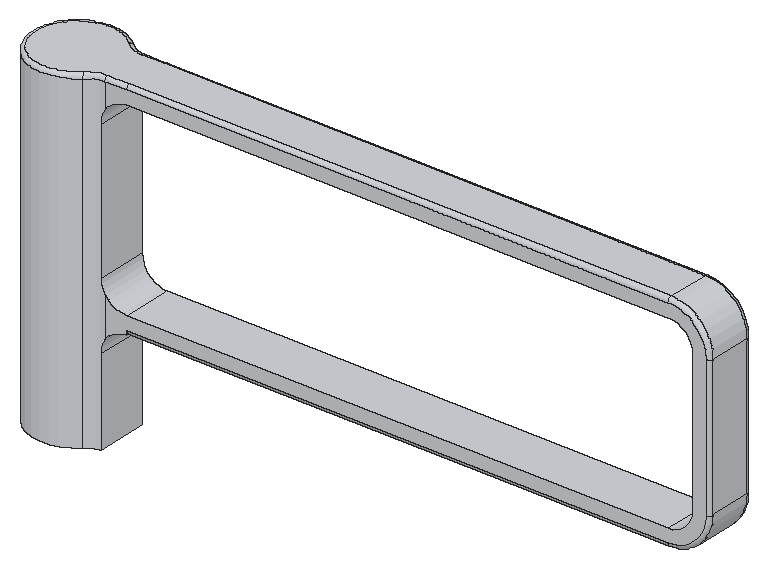
Revit family "Accessory-Towel_Ring-KOHLER-SINGULIER-K-15208T", category Specialty Equipment, host Face, Revit 2017
Family settings
  Host = Face
  Round Connector Dimension = Use Diameter
  Part Type = Normal
  OmniClass Number = 23.31.25.25
  OmniClass Title = Towel Bars
  Cut with Voids When Loaded = No
  Shared = No
  Room Calculation Point = No
Parameters (values of type "CP- Polished chrome plating")
  Width = 9 27/32"  # constant formula
  WaterSense Certified = 1 = 0  # no
  URL = "http://www.kohler.com.cn/en/"
  Type = 1
  Product Page URL = "https://www.kohler.com.cn/product/K-15208T-CP/K-15208T-CP/"
  Product Name = "SINGULIER"  # constant formula
  Product Documentation Link = "https://files.kohler.com.cn/pdfs/k_15205t_22t.pdf"
  Model = if(Type = 1, "K-15208T-CP", "NA")  # "K-15208T-CP"
  Material = "Metal Construction"  # constant formula
  Master Format 2014 Name = "Toilet, Bath, and Laundry Accessories"  # constant formula
  Master Format 2014 = "10 28 00"  # constant formula
  Manufacturer Address = "Kohler Beijing Office (100016)\n36-2-03-B, No. 88, Liuxiang Road, Beijing"  # constant formula
  Manufacturer = "KOHLER Co."  # constant formula
  Length = 4 185/256"  # constant formula
  Height = 1 67/256"  # constant formula
  Finish = Kohler-Metal-CP-Polished_Chrome
  Environmental Product Declaration = ""
  Description = "Towel Ring"  # constant formula
  Default Elevation = 42"
  Declare Label = ""
  Date Modified = "07/10/2020"  # constant formula
  Date Created = "07/10/2020"  # constant formula
  Copyright = "Copyright KOHLER Co."  # constant formula
  Contact Us = "http://www.kohler.com.cn/en/contact/contact-us/"
  Assembly Code = "C1030200"
  ADA Compliant = 1 = 0  # no
Reference planes (in)
  plane 1 "Center (Front/Back)": y = 0
  plane 2: z = 0
  plane 3 "Center (Left/Right)": x = 0
  plane 4: y = 0.62992
  plane 5: x = 9.2126
  plane 6: y = -0.6318
  plane 7: x = -0.63115
  plane 8: z = 4.72266
Dimensions and locks (in)
  "Width": plane 7 to plane 5
  "Length": plane 8 to level
  "Height": plane 6 to plane 4
  aligned and locked: plane 2 to host face
  aligned and locked: level to host face
Automatic sketch dimensions
  host sketch curve to host sketch curve = 96"  (x2)
Nested families (in)
  nested 1: "K-15208T" at (0, 0, 0), type "K-15208T"
Definition of nested family "K-15208T"
  Parameters (values of type "K-15208T")
    Material = none
  Reference planes (in)
    plane 1 "Center (Front/Back)": y = 0
    plane 2: z = 0
    plane 3 "Center (Left/Right)": x = 0
    plane 4: x = 9.2126
    plane 5: y = 0.62992
    plane 6: y = -0.62992
    plane 7: x = -0.62992
    plane 8: x = 0.62598
    plane 9: z = 4.72441
  Forms (in)
    Extrusion 1, solid, material <- "Material", detail levels medium+fine
      sketch origin (0, 0, 0) x (1, 0, 0) y (0, 1, 0)
        loop
          arc (0.44085, 0.44994) -> (-0.62992, 0) -> (0.44085, -0.44994) r 0.62992
          arc (0.44085, -0.44994) -> (0.54857, -0.37915) -> (0.67506, -0.35433) r 0.33465
          line (0.67506, -0.35433) -> (0.98031, -0.35433) -> (0.98031, 0.35433) -> (0.67506, 0.35433)
          arc (0.67506, 0.35433) -> (0.54857, 0.37915) -> (0.44085, 0.44994) r 0.33465
      from 0 to 4.72441
    Sweep 2, void, detail levels medium+fine
      path in 3D
        loop
          line (0.98031, 0.35433, 4.72441) -> (0.67506, 0.35433, 4.72441)
          arc (0.67506, 0.35433, 4.72441) -> (0.54857, 0.37915, 4.72441) -> (0.44085, 0.44994, 4.72441) r 0.33465
          arc (0.44085, 0.44994, 4.72441) -> (-0.62992, 0, 4.72441) -> (0.44085, -0.44994, 4.72441) r 0.62992
          arc (0.44085, -0.44994, 4.72441) -> (0.54857, -0.37915, 4.72441) -> (0.67506, -0.35433, 4.72441) r 0.33465
          line (0.67506, -0.35433, 4.72441) -> (0.98031, -0.35433, 4.72441)
      profile origin (0.82769, -0.35433, 4.72441) x (0, 1, 0) y (0, 0, 1)
        loop
          arc (0, -0.05399) -> (0.01581, -0.01581) -> (0.05399, 0) r 0.05399
          line (0.05399, 0) -> (0, 0) -> (0, -0.05399)
    Extrusion 3, void, detail levels medium+fine
      sketch origin (0, 0, 0) x (1, 0, 0) y (0, 0, 1)
        loop
          line (2.69832, 4.48031) -> (0.98031, 4.48031)
          arc (0.98031, 4.48031) -> (0.72977, 4.37653) -> (0.62598, 4.12598) r 0.35433
          line (0.62598, 4.12598) -> (0.62598, 2.17323)
          arc (0.62598, 2.17323) -> (0.72977, 1.92268) -> (0.98031, 1.8189) r 0.35433
          line (0.98031, 1.8189) -> (2.69832, 1.8189) -> (2.69832, 4.48031)
        loop
          line (2.69832, 1.5748) -> (0.98031, 1.5748)
          arc (0.98031, 1.5748) -> (0.72977, 1.47102) -> (0.62598, 1.22047) r 0.35433
          line (0.62598, 1.22047) -> (0.62598, 0) -> (2.69832, 0) -> (2.69832, 1.5748)
      from -1.39534 to 1.38993
    Sweep 4, solid, material <- "Material", detail levels medium+fine
      path origin (0, 0, 0) x (1, 0, 0) y (0, 0, 1)
        loop
          line (0.98031, 4.72441) -> (8.62205, 4.72441)
          arc (8.62205, 4.72441) -> (9.03963, 4.55144) -> (9.2126, 4.13386) r 0.59055
          line (9.2126, 4.13386) -> (9.2126, 2.16535)
          arc (9.2126, 2.16535) -> (9.03963, 1.74777) -> (8.62205, 1.5748) r 0.59055
          line (8.62205, 1.5748) -> (0.98031, 1.5748)
      profile origin (4.80118, 0, 4.72441) x (0, 0, 1) y (0, -1, 0)
        loop
          line (-0.24409, 0.35433) -> (-0.24409, -0.35433) -> (0, -0.35433) -> (0, 0.35433) -> (-0.24409, 0.35433)
    Sweep 5, void, detail levels medium+fine
      path in 3D
        loop
          line (0.98031, -0.35433, 4.72441) -> (8.62205, -0.35433, 4.72441)
          arc (8.62205, -0.35433, 4.72441) -> (9.03963, -0.35433, 4.55144) -> (9.2126, -0.35433, 4.13386) r 0.59055
          line (9.2126, -0.35433, 4.13386) -> (9.2126, -0.35433, 2.16535)
          arc (9.2126, -0.35433, 2.16535) -> (9.03963, -0.35433, 1.74777) -> (8.62205, -0.35433, 1.5748) r 0.59055
          line (8.62205, -0.35433, 1.5748) -> (0.98031, -0.35433, 1.5748)
      profile origin (4.80118, -0.35433, 4.72441) x (0, 1, 0) y (0, 0, 1)
        loop
          arc (0, -0.05399) -> (0.01581, -0.01581) -> (0.05399, 0) r 0.05399
          line (0.05399, 0) -> (0, 0) -> (0, -0.05399)
    Sweep 6, void, detail levels medium+fine
      path in 3D
        loop
          line (0.98031, 0.35433, 4.72441) -> (8.62205, 0.35433, 4.72441)
          arc (8.62205, 0.35433, 4.72441) -> (9.03963, 0.35433, 4.55144) -> (9.2126, 0.35433, 4.13386) r 0.59055
          line (9.2126, 0.35433, 4.13386) -> (9.2126, 0.35433, 2.16535)
          arc (9.2126, 0.35433, 2.16535) -> (9.03963, 0.35433, 1.74777) -> (8.62205, 0.35433, 1.5748) r 0.59055
          line (8.62205, 0.35433, 1.5748) -> (0.98031, 0.35433, 1.5748)
      profile origin (4.80118, 0.35433, 4.72441) x (0, 1, 0) y (0, 0, 1)
        loop
          arc (-0.05399, 0) -> (-0.01581, -0.01581) -> (0, -0.05399) r 0.05399
          line (0, -0.05399) -> (0, 0) -> (-0.05399, 0)
    Extrusion 7, solid, material <- "Material", detail levels coarse
      sketch origin (0, 0, 0) x (1, 0, 0) y (0, 1, 0)
        loop
          circle (0, 0) r 0.62992
      from 0 to 4.72441
    Sweep 8, solid, material <- "Material", detail levels coarse
      path origin (0, 0, 0) x (1, 0, 0) y (0, 0, 1)
        loop
          line (0, 4.72441) -> (9.2126, 4.72441) -> (9.2126, 1.57483) -> (0.15748, 1.57483)
      profile origin (4.6063, 0, 4.72441) x (0, 0, 1) y (0, -1, 0)
        loop
          line (0, -0.35433) -> (0, 0.35433) -> (-0.24409, 0.35433) -> (-0.24409, -0.35433) -> (0, -0.35433)
  Cuts and joins
    Sweep 2, Extrusion 3, Sweep 5, Sweep 6 cuts Extrusion 1
    Sweep 5, Sweep 6 cuts Sweep 4
    joined: Extrusion 1, Sweep 4
    joined: Extrusion 7, Sweep 8
  Lines and regions (in)
    Masking region 1
      outline origin (0, 0, 0) x (1, 0, 0) y (0, 1, 0)
        loop
          arc (0.4411, 0.4497) -> (-0.62992, 0.00091) -> (0.43981, -0.45097) r 0.62992
          arc (0.43981, -0.45097) -> (0.5491, -0.37941) -> (0.6773, -0.35433) r 0.34015
          line (0.6773, -0.35433) -> (9.15926, -0.35433)
          arc (9.15926, -0.35433) -> (9.19698, -0.33871) -> (9.2126, -0.301) r 0.05333
          line (9.2126, -0.301) -> (9.2126, 0.30115)
          arc (9.2126, 0.30115) -> (9.19702, 0.33876) -> (9.15942, 0.35433) r 0.05318
          line (9.15942, 0.35433) -> (0.67452, 0.35433)
          arc (0.67452, 0.35433) -> (0.54845, 0.37909) -> (0.4411, 0.4497) r 0.33333
    Masking region 2
      outline origin (0, 0, 0) x (1, 0, 0) y (0, 0, 1)
        loop
          line (-0.62992, 4.66942) -> (-0.62992, 0) -> (0.62598, 0) -> (0.62598, 1.2208)
          arc (0.62598, 1.2208) -> (0.72968, 1.47113) -> (0.98001, 1.57483) r 0.35403
          line (0.98001, 1.57483) -> (8.62154, 1.57483)
          arc (8.62154, 1.57483) -> (9.03948, 1.74794) -> (9.2126, 2.16588) r 0.59106
          line (9.2126, 2.16588) -> (9.2126, 4.13386)
          arc (9.2126, 4.13386) -> (9.03963, 4.55144) -> (8.62205, 4.72441) r 0.59055
          line (8.62205, 4.72441) -> (-0.57493, 4.72441)
          arc (-0.57493, 4.72441) -> (-0.61381, 4.7083) -> (-0.62992, 4.66942) r 0.05499
    Masking region 3
      outline origin (0, 0, 0) x (0, 1, 0) y (0, 0, 1)
        loop
          arc (-0.57561, 4.72441) -> (-0.61401, 4.7085) -> (-0.62992, 4.6701) r 0.05431
          line (-0.62992, 4.6701) -> (-0.62992, 0) -> (0.62992, 0) -> (0.62992, 4.67126)
          arc (0.62992, 4.67126) -> (0.61435, 4.70884) -> (0.57677, 4.72441) r 0.05315
          line (0.57677, 4.72441) -> (-0.57561, 4.72441)
    sketch lines
      curve 1: line (0.67506, -0.35433, 4.72441) -> (0.98031, -0.35433, 4.72441)
      curve 2: arc (0.67506, -0.35433, 4.72441) -> (0.54857, -0.37915, 4.72441) -> (0.44085, -0.44994, 4.72441) r 0.33465
      curve 3: arc (0.44085, -0.44994, 4.72441) -> (-0.62992, 0, 4.72441) -> (0.44085, 0.44994, 4.72441) r 0.62992
      curve 4: arc (0.44085, 0.44994, 4.72441) -> (0.54857, 0.37915, 4.72441) -> (0.67506, 0.35433, 4.72441) r 0.33465
      curve 5: line (0.98031, 0.35433, 4.72441) -> (0.67506, 0.35433, 4.72441)
      curve 6: line (0.98031, -0.35433, 4.72441) -> (8.62205, -0.35433, 4.72441)
      curve 7: arc (8.62205, -0.35433, 4.72441) -> (9.03963, -0.35433, 4.55144) -> (9.2126, -0.35433, 4.13386) r 0.59055
      curve 8: line (9.2126, -0.35433, 4.13386) -> (9.2126, -0.35433, 2.16535)
      curve 9: arc (9.2126, -0.35433, 2.16535) -> (9.03963, -0.35433, 1.74777) -> (8.62205, -0.35433, 1.5748) r 0.59055
      curve 10: line (8.62205, -0.35433, 1.5748) -> (0.98031, -0.35433, 1.5748)
      curve 11: line (0.98031, 0.35433, 4.72441) -> (8.62205, 0.35433, 4.72441)
      curve 12: arc (9.2126, 0.35433, 4.13386) -> (9.03963, 0.35433, 4.55144) -> (8.62205, 0.35433, 4.72441) r 0.59055
      curve 13: line (9.2126, 0.35433, 4.13386) -> (9.2126, 0.35433, 2.16535)
      curve 14: arc (8.62205, 0.35433, 1.5748) -> (9.03963, 0.35433, 1.74777) -> (9.2126, 0.35433, 2.16535) r 0.59055
      curve 15: line (8.62205, 0.35433, 1.5748) -> (0.98031, 0.35433, 1.5748)
    symbolic lines, detail levels medium+fine
      curve 16: arc (0.43859, 0.39547, 0) -> (-0.59041, 0.01295, 0) -> (0.42082, -0.41432, 0) r 0.59055
      curve 17: line (9.2126, 0.30034, 0) -> (0.65244, 0.30034, 0)
      curve 18: line (9.2126, -0.30034, 0) -> (0.69298, -0.30034, 0)
      curve 19: arc (0.69298, -0.30034, 0) -> (0.54545, -0.32999, 0) -> (0.42082, -0.41432, 0) r 0.38193
      curve 20: arc (0.65244, 0.30034, 0) -> (0.53541, 0.32519, 0) -> (0.43859, 0.39547, 0) r 0.28796
      curve 21: line (0.98031, 0.30034, 0) -> (0.98031, -0.30034, 0)
      curve 22: line (0.98031, 0.30034, 0) -> (0.98031, 0.35433, 0)
      curve 23: line (0.98031, -0.35433, 0) -> (0.98031, -0.30034, 0)
      curve 24: arc (0.67506, -0.35433, 0) -> (0.69412, -0.32934, 0) -> (0.70623, -0.30034, 0) r 0.12324
      curve 25: arc (0.44085, -0.44994, 0) -> (0.43306, -0.43088, 0) -> (0.42082, -0.41432, 0) r 0.08334
      curve 26: arc (0.67506, 0.35433, 0) -> (0.69412, 0.32934, 0) -> (0.70623, 0.30034, 0) r 0.12324
      curve 27: arc (0.4411, 0.4497, 0) -> (0.44372, 0.4224, 0) -> (0.43859, 0.39547, 0) r 0.097
      curve 28: line (0.97941, 0, 4.48031) -> (8.62275, 0, 4.48031)
      curve 29: line (8.62205, 0, 1.8189) -> (0.9792, 0, 1.8189)
      curve 30: line (8.9685, 0, 4.13456) -> (8.9685, 0, 2.16535)
      curve 31: line (0.62598, 0, 4.12689) -> (0.62598, 0, 2.17211)
      curve 32: arc (8.62275, 0, 4.48031) -> (8.86723, 0, 4.37905) -> (8.9685, 0, 4.13456) r 0.34576
      curve 33: arc (8.9685, 0, 2.16535) -> (8.86703, 0, 1.92037) -> (8.62205, 0, 1.8189) r 0.34646
      curve 34: arc (0.9792, 0, 1.8189) -> (0.72944, 0, 1.92235) -> (0.62598, 0, 2.17211) r 0.35321
      curve 35: arc (0.62598, 0, 4.12689) -> (0.7295, 0, 4.3768) -> (0.97941, 0, 4.48031) r 0.35342
      curve 36: line (-0.62992, 0, 4.66942) -> (8.62205, 0, 4.66942)
      curve 37: arc (8.62205, 0, 4.66942) -> (9.01575, 0, 4.50634) -> (9.17882, 0, 4.11264) r 0.55678
      curve 38: line (9.17882, 0, 4.11264) -> (9.17882, 0, 2.18151)
      curve 39: line (0.9683, 0, 1.62879) -> (8.62611, 0, 1.62879)
      curve 40: arc (9.17882, 0, 2.18151) -> (9.01694, 0, 1.79068) -> (8.62611, 0, 1.62879) r 0.55271
      curve 41: line (0.5746, 0, 0) -> (0.5746, 0, 1.23509)
      curve 42: arc (0.9683, 0, 1.62879) -> (0.68991, 0, 1.51348) -> (0.5746, 0, 1.23509) r 0.3937
      curve 43: line (0.44085, 0, 0) -> (0.44085, 0, 4.66942)
      curve 44: arc (0.44085, 0, 4.66942) -> (0.428, 0, 4.7014) -> (0.40235, 0, 4.72441) r 0.07598
      curve 45: line (0.5746, 0, 2.16868) -> (0.5746, 0, 4.14002)
      curve 46: line (0.9683, 0, 1.77498) -> (8.61015, 0, 1.77498)
      curve 47: arc (0.9683, 0, 1.77498) -> (0.68991, 0, 1.89029) -> (0.5746, 0, 2.16868) r 0.3937
      curve 48: line (8.61015, 0, 4.53373) -> (0.9683, 0, 4.53373)
      curve 49: arc (0.9683, 0, 4.53373) -> (0.68991, 0, 4.41841) -> (0.5746, 0, 4.14002) r 0.3937
      curve 50: line (9.00385, 0, 4.14002) -> (9.00385, 0, 2.16868)
      curve 51: arc (9.00385, 0, 2.16868) -> (8.88854, 0, 1.89029) -> (8.61015, 0, 1.77498) r 0.3937
      curve 52: arc (9.00385, 0, 4.14002) -> (8.88854, 0, 4.41841) -> (8.61015, 0, 4.53373) r 0.3937
      curve 53: arc (0.62599, 0, 1.22047) -> (0.60076, 0, 1.22943) -> (0.5746, 0, 1.23509) r 0.20887
      curve 54: line (0.98031, 0, 1.62879) -> (0.98031, 0, 1.57483)
      curve 55: arc (0.5746, 0, 2.16868) -> (0.6003, 0, 2.16932) -> (0.626, 0, 2.16884) r 0.59001
      curve 56: line (0.9792, 0, 1.8189) -> (0.9792, 0, 1.77498)
      curve 57: arc (0.62598, 0, 4.12689) -> (0.60073, 0, 4.13518) -> (0.5746, 0, 4.14002) r 0.19834
      curve 58: line (0.97941, 0, 4.48031) -> (0.97941, 0, 4.53373)
      curve 59: arc (8.62611, 0, 1.62879) -> (8.62174, 0, 1.60199) -> (8.62154, 0, 1.57483) r 0.17588
      curve 60: arc (9.17882, 0, 2.18151) -> (9.19571, 0, 2.18284) -> (9.2126, 0, 2.18151) r 0.10777
      curve 61: arc (9.00385, 0, 2.16868) -> (8.9859, 0, 2.1702) -> (8.9685, 0, 2.17491) r 0.10035
      curve 62: arc (8.61015, 0, 1.77498) -> (8.61281, 0, 1.79783) -> (8.62205, 0, 1.8189) r 0.07771
      curve 63: line (8.9685, 0, 4.13456) -> (9.00385, 0, 4.14002)
      curve 64: arc (9.2126, 0, 4.13386) -> (9.19529, 0, 4.13136) -> (9.17784, 0, 4.1302) r 0.22811
      curve 65: arc (8.62275, 0, 4.48031) -> (8.61448, 0, 4.50656) -> (8.61015, 0, 4.53373) r 0.18678
      curve 66: arc (8.62205, 0, 4.66942) -> (8.6208, 0, 4.69691) -> (8.62205, 0, 4.72441) r 0.30453
      curve 67: line (0.62031, 0, 4.32415) -> (0.62031, 0, 4.66942)
      curve 68: arc (0.62031, 0, 4.66942) -> (0.61656, 0, 4.69788) -> (0.60557, 0, 4.72441) r 0.10999
      curve 69: line (0, -0.62992, 4.6701) -> (0, 0.62992, 4.6701)
  Dimensions and locks (in)
    plane 7 to plane 3 "Center (Left/Right)" = 0.62992"
    plane 3 "Center (Left/Right)" to plane 8 = 0.62598"
    level to plane 9 = 4.72441"
    aligned and locked: plane 2 to level
  Automatic sketch dimensions
    plane 1 "Center (Front/Back)" to Extrusion 1 sketch curve = 0"
    Extrusion 1 sketch curve to plane 3 "Center (Left/Right)" = 0"
    Extrusion 1 sketch curve to plane 8 = 0.04907"  (x2)
    Extrusion 1 sketch curve to Extrusion 1 sketch curve = 0.30526"
    Extrusion 1 sketch curve to plane 6 = 0.27559"
    plane 6 to Extrusion 1 sketch curve = 0.05906"
    Extrusion 1 sketch curve to plane 5 = 0.27559"
    plane 5 to Extrusion 1 sketch curve = 0.05906"
    Extrusion 1 sketch curve to Extrusion 1 sketch curve = 0"
    Sweep 2 sketch curve to profile plane = 0"
    Sweep 2 sketch curve to Sweep 2 sketch curve = 0.05399"
    Sweep 2 sketch curve to profile plane = 0.05399"
    plane 8 to Extrusion 3 sketch curve = 0"  (x2)
    Extrusion 3 sketch curve to level = 0"
    Extrusion 3 sketch curve to plane 9 = 0.24409"
    Extrusion 3 sketch curve to plane 8 = 0.35433"
    Extrusion 3 sketch curve to Extrusion 3 sketch curve = 0.35433"
    Extrusion 3 sketch curve to Extrusion 3 sketch curve = 0"
    Extrusion 3 sketch curve to Extrusion 3 sketch curve = 2.07233"
    Extrusion 3 sketch curve to Extrusion 3 sketch curve = 1.718"
    level to Extrusion 3 sketch curve = 1.22047"
    Extrusion 3 sketch curve to Extrusion 3 sketch curve = 0.24409"
    Sweep 4 sketch curve to plane 1 "Center (Front/Back)" = 0.35433"
    plane 1 "Center (Front/Back)" to Sweep 4 sketch curve = 0.35433"
    profile plane to Sweep 4 sketch curve = 0.24409"
    profile plane to Sweep 4 sketch curve = 0"
    Sweep 4 sketch curve to plane 9 = 0"
    Sweep 4 sketch curve to plane 4 = 0"
    Sweep 4 sketch curve to Sweep 4 sketch curve = 0.59055"
    Sweep 4 sketch curve to plane 4 = 0.59055"
    Sweep 4 sketch curve to Sweep 4 sketch curve = 1.9685"
    Sweep 4 sketch curve to plane 8 = 0.35433"  (x2)
    Sweep 5 sketch curve to profile plane = 0"  (x4)
    Sweep 5 sketch curve to profile plane = 0.05399"
    Sweep 5 sketch curve to Sweep 5 sketch curve = 0"  (x2)
    Sweep 6 sketch curve to profile plane = 0"  (x4)
    profile plane to Sweep 6 sketch curve = 0.05399"  (x2)
    Sweep 6 sketch curve to profile plane = 0.05399"
    plane 1 "Center (Front/Back)" to Masking region 1 sketch curve = 0"
    Masking region 1 sketch curve to plane 3 "Center (Left/Right)" = 0"
    Masking region 1 sketch curve to plane 4 = 0"
    Masking region 1 sketch curve to plane 8 = 0.04853"
    Masking region 1 sketch curve to plane 8 = 0.05132"
    Masking region 1 sketch curve to plane 4 = 0.05333"
    Masking region 1 sketch curve to Masking region 1 sketch curve = 0.05318"
    plane 1 "Center (Front/Back)" to Masking region 1 sketch curve = 0.301"
    plane 6 to Masking region 1 sketch curve = 0.06456"
    Masking region 1 sketch curve to plane 1 "Center (Front/Back)" = 0.30115"
    plane 5 to Masking region 1 sketch curve = 0.05773"
    Masking region 1 sketch curve to Masking region 1 sketch curve = 0"
    plane 1 "Center (Front/Back)" to curve 16 = 0"
    curve 16 to plane 3 "Center (Left/Right)" = 0"
    curve 18 to plane 4 = 0"
    curve 17 to plane 4 = 0"
    plane 8 to curve 27 = 0.27917"
    plane 8 to curve 25 = 0.26558"
    plane 8 to curve 26 = 0.0386"
    plane 8 to curve 24 = 0.0386"
    curve 17 to plane 8 = 0.02646"
    curve 19 to plane 8 = 0.067"
    curve 18 to curve 24 = 0.03262"
    curve 25 to plane 6 = 0.15819"
    plane 6 to curve 19 = 0.05235"
    curve 26 to plane 1 "Center (Front/Back)" = 0.26772"
    curve 26 to curve 17 = 0.03262"
    curve 27 to plane 5 = 0.20302"
    curve 20 to plane 5 = 0.04162"
    curve 25 to curve 25 = 0.02003"
    curve 16 to curve 27 = 0.00252"
    curve 26 to plane 8 = 0.04908"
    curve 24 to plane 8 = 0.04908"
    curve 17 to curve 26 = 0.05379"
    curve 19 to curve 24 = 0.01325"
    curve 24 to curve 23 = 0.27408"
    curve 26 to curve 22 = 0.27408"
    curve 21 to curve 23 = 0"
    curve 23 to curve 21 = 0.05399"
    curve 21 to curve 22 = 0.05399"
    plane 7 to Masking region 2 sketch curve = 0"
    Masking region 2 sketch curve to level = 0"
    Masking region 2 sketch curve to plane 9 = 0"
    plane 8 to Masking region 2 sketch curve = 0"
    Masking region 2 sketch curve to plane 4 = 0"
    Masking region 2 sketch curve to Masking region 2 sketch curve = 0.05499"
    Masking region 2 sketch curve to Masking region 2 sketch curve = 0.35403"
    Masking region 2 sketch curve to plane 4 = 0.59106"
    Masking region 2 sketch curve to Masking region 2 sketch curve = 0.59055"
    level to Masking region 2 sketch curve = 1.2208"
    plane 7 to curve 36 = 0"
    curve 44 to plane 9 = 0"
    curve 43 to level = 0"
    curve 41 to level = 0"
    curve 68 to plane 9 = 0"
    plane 8 to curve 31 = 0"
    curve 66 to plane 9 = 0"
    curve 64 to plane 4 = 0"
    curve 60 to plane 4 = 0"
    curve 44 to plane 9 = 0.06659"
    plane 8 to curve 44 = 0.26022"
    curve 68 to plane 9 = 0.05499"
    plane 8 to curve 68 = 0.11567"
    plane 8 to curve 53 = 0.08237"
    plane 8 to curve 57 = 0.07436"
    plane 8 to curve 45 = 0.05139"
    plane 8 to curve 41 = 0.05139"
    plane 8 to curve 55 = 0.02383"
    curve 39 to plane 8 = 0.34231"
    curve 46 to curve 42 = 0"
    curve 48 to plane 9 = 0.19068"
    curve 48 to plane 8 = 0.34231"
    curve 47 to curve 56 = 0.0109"
    curve 48 to curve 58 = 0.01111"
    curve 48 to plane 4 = 0.60245"
    curve 46 to plane 4 = 0.60245"
    curve 51 to curve 29 = 0.0119"
    curve 48 to curve 36 = 0.0119"
    curve 65 to curve 28 = 0.0126"
    curve 62 to curve 39 = 0.01596"
    curve 29 to curve 62 = 0.06577"
    curve 52 to curve 65 = 0.18612"
    curve 39 to curve 59 = 0.17088"
    curve 66 to plane 9 = 0.0275"
    curve 65 to curve 66 = 0.12907"
    curve 63 to plane 4 = 0.24409"
    curve 61 to curve 61 = 0.03482"
    curve 32 to curve 63 = 0.03535"
    curve 64 to plane 4 = 0.04116"
    curve 38 to plane 4 = 0.03377"
    curve 60 to plane 4 = 0.01689"
    level to curve 53 = 1.02853"
    curve 53 to curve 42 = 0.20656"
    curve 42 to curve 55 = 0.34422"
    curve 59 to curve 39 = 0.04165"
    curve 42 to curve 46 = 0.14618"
    curve 62 to curve 62 = 0.00253"
    curve 60 to curve 38 = 0.10644"
    curve 50 to curve 61 = 0.10035"
    curve 57 to curve 49 = 0.197"
    curve 37 to curve 64 = 0.24558"
    curve 44 to curve 44 = 0.03658"
    curve 43 to curve 41 = 0.13374"
    plane 8 to curve 68 = 0.02041"
    curve 67 to curve 68 = 0"
    curve 53 to plane 8 = 0"
    curve 39 to curve 54 = 0.01202"
    curve 59 to curve 39 = 0.00457"
    curve 64 to curve 37 = 0.00099"
    curve 54 to curve 54 = 0.05397"
    curve 37 to curve 64 = 0.01757"
    Masking region 3 sketch curve to level = 0"
    Masking region 3 sketch curve to plane 6 = 0"
    Masking region 3 sketch curve to plane 9 = 0"
    Masking region 3 sketch curve to plane 5 = 0"
    Masking region 3 sketch curve to plane 6 = 0.05431"
    Masking region 3 sketch curve to plane 5 = 0.05315"
    curve 69 to plane 6 = 0"
    curve 69 to plane 5 = 0"
    curve 69 to plane 9 = 0.05431"
    plane 1 "Center (Front/Back)" to Extrusion 7 sketch curve = 0"
    Extrusion 7 sketch curve to plane 3 "Center (Left/Right)" = 0"
    Sweep 8 sketch curve to plane 3 "Center (Left/Right)" = 0"
    Sweep 8 sketch curve to plane 4 = 0"
    Sweep 8 sketch curve to plane 9 = 0"
    level to Sweep 8 sketch curve = 1.57483"
    plane 3 "Center (Left/Right)" to Sweep 8 sketch curve = 0.15748"
    profile plane to Sweep 8 sketch curve = 0"
    Sweep 8 sketch curve to Sweep 8 sketch curve = 0.24409"
    Sweep 8 sketch curve to plane 1 "Center (Front/Back)" = 0.35433"
    plane 1 "Center (Front/Back)" to Sweep 8 sketch curve = 0.35433"
    radius of Extrusion 7 sketch curve = 0.62992"
